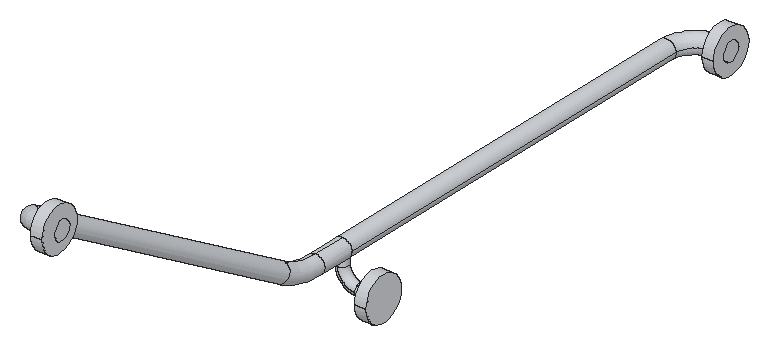
Revit family "DT3+4_Toilet Rail", category Generic Models, Revit 2013
Parameters
  URL = "http://www.surecare.com.au"
  Rail Radius = 16.0 mm
  Model = "DT3 /DT4"
  Manufacturer = "SURE CARE"
  Description = "Toilet Grab Rail Side Only with Angle upturn"
Reference planes
  plane 1 "Center (Front/Back)": y = 0
  plane 2: z = 0
  plane 3 "Center (Left/Right)": x = 0
  plane 4 "Side Rail Center": x = -71
  plane 5 "Rail Center Height": z = 784
  plane 6 "Side Rail Crank Point A": y = -900
  plane 7 "Side Rail End": y = -1500
  plane 8: z = 1145
  plane 9 "Crank Angle": through (0, -900, 784) normal (0, 0.515, 0.8572)
  plane 10 "Side Rail Bracket A": y = -800
  plane 11 "Bracket Height": z = 730
  plane 12: z = 800
  plane 13 "Side Rail Start": y = -50
  plane 14: x = -55
Forms (mm)
  Sweep 1, solid
    path origin (0, 0, 784) x (-1, 0, 0) y (0, -1, 0)
      loop
        line (0, 50) -> (21, 50)
        arc (21, 50) -> (56.355, 64.645) -> (71, 100) r 50
        line (71, 100) -> (71, 800)
    profile origin (-71, -450, 784) x (1, 0, 0) y (0, 0, 1)
      loop
        circle (0, 0) r 16
  Sweep 2, solid
    path in 3D
      loop
        line (-71, -800, 784) -> (-71, -858.401, 784)
        arc (-71, -858.401, 784) -> (-71, -898.487, 789.455) -> (-71, -935.657, 805.425) r 150
        line (-71, -935.657, 805.425) -> (-71, -1451.886, 1115.607) -> (-71, -1459.062, 1119.918)
        arc (-71, -1459.062, 1119.918) -> (-58.991, -1483.912, 1134.85) -> (-30, -1494.205, 1141.035) r 41
        line (-30, -1494.205, 1141.035) -> (0, -1494.205, 1141.035)
    profile origin (-71, -898.487, 789.455) x (0, -0.267238, -0.96363) y (1, 0, 0)
      loop
        circle (0, 0) r 16
  Extrusion 3, solid
    sketch origin (0, 0, 25) x (0, 1, 0) y (0, 0, 1)
      loop
        circle (-800, 705) r 37.5
    from 0 to -20
  Sweep 4, solid
    path origin (0, -800, 0) x (-1, 0, 0) y (0, 0, 1)
      loop
        line (71, 784) -> (71, 760)
        arc (71, 760) -> (62.213, 738.787) -> (41, 730) r 30
        line (41, 730) -> (20, 730)
    profile origin (-71, -800, 772) x (0, 1, 0) y (-1, 0, 0)
      loop
        circle (0, 0) r 10
  Extrusion 5, solid
    sketch origin (0, -789.342, 312.297) x (0, 1, 0) y (0, 0, 1)
      loop
        circle (-710.658, 832.703) r 37.5
    from 0 to -20
  Extrusion 6, solid
    sketch origin (0, 0, 0) x (0, 1, 0) y (0, 0, 1)
      loop
        circle (-50, 784) r 37.5
    from 0 to -20
Cuts and joins
  joined: Sweep 1, Sweep 2
Lines and regions (mm)
  reference lines
    curve 1: line (-71, -858.401, 784) -> (-71, -800, 784)
    curve 2: line (-71, -935.657, 805.425) -> (-71, -1449.957, 1114.448)
    curve 3: arc (-71, -858.401, 784) -> (-71, -898.487, 789.455) -> (-71, -935.657, 805.425) r 150
    curve 4: line (0, -1494.205, 1141.035) -> (-30, -1494.205, 1141.035)
    curve 5: line (-71, -1459.062, 1119.918) -> (-71, -1451.886, 1115.607)
    curve 6: arc (-71, -1459.062, 1119.918) -> (-58.991, -1483.912, 1134.85) -> (-30, -1494.205, 1141.035) r 41
  sketch lines
    curve 7: arc (-71, -858.401, 784) -> (-71, -898.487, 789.455) -> (-71, -935.657, 805.425) r 150
    curve 8: line (-71, -935.657, 805.425) -> (-71, -1451.886, 1115.607)
    curve 9: line (-71, -858.401, 784) -> (-71, -800, 784)
    curve 10: arc (-71, -1459.062, 1119.918) -> (-58.991, -1483.912, 1134.85) -> (-30, -1494.205, 1141.035) r 41
    curve 11: line (-71, -1459.062, 1119.918) -> (-71, -1451.886, 1115.607)
    curve 12: line (0, -1494.205, 1141.035) -> (-30, -1494.205, 1141.035)
Dimensions and locks
  plane 5 "Rail Center Height" to level = 784.0 mm
  plane 7 "Side Rail End" to plane 1 "Center (Front/Back)" = 1500.0 mm
  plane 10 "Side Rail Bracket A" to plane 1 "Center (Front/Back)" = 800.0 mm
  plane 11 "Bracket Height" to level = 730.0 mm
  "Rail Radius": plane 12 to plane 5 "Rail Center Height"
  "Rail Radius": plane 4 "Side Rail Center" to plane 14
  plane 4 "Side Rail Center" to plane 3 "Center (Left/Right)" = 71.0 mm
  "Rail Radius": radius of Sweep 1 sketch curve
  "Rail Radius": radius of Sweep 2 sketch curve
  radius of Sweep 1 sketch curve = 50.0 mm
  angle plane 5 "Rail Center Height" to plane 9 "Crank Angle" = 31.00°
  aligned and locked: level to plane 2
  aligned and locked: Sweep 1 sketch curve to plane 4 "Side Rail Center"
  aligned and locked: Sweep 2 to Sweep 1 sketch curve
  aligned and locked: plane 10 "Side Rail Bracket A" to Extrusion 3 sketch curve
  aligned and locked: plane 11 "Bracket Height" to Extrusion 3 sketch curve
  aligned and locked: Sweep 4 sketch curve to plane 11 "Bracket Height"
  aligned and locked: Sweep 4 sketch curve to plane 4 "Side Rail Center"
  aligned and locked: plane 5 "Rail Center Height" to Sweep 4 sketch curve
  aligned and locked: plane 8 to Extrusion 5 sketch curve
  aligned and locked: plane 7 "Side Rail End" to Extrusion 5 sketch curve
  aligned and locked: plane 5 "Rail Center Height" to curve 1
  aligned and locked: Sweep 1 sketch curve to plane 13 "Side Rail Start"
  aligned and locked: plane 3 "Center (Left/Right)" to Sweep 1 sketch curve
  aligned and locked: plane 13 "Side Rail Start" to Extrusion 6 sketch curve
  aligned and locked: plane 5 "Rail Center Height" to Extrusion 6 sketch curve
Automatic sketch dimensions
  curve 2 to plane 9 "Crank Angle" = 0.0 mm  (x2)
  plane 5 "Rail Center Height" to curve 3 = 21.425 mm
  curve 2 to plane 8 = 30.552 mm
  plane 6 "Side Rail Crank Point A" to curve 3 = 41.599 mm
  curve 4 to plane 3 "Center (Left/Right)" = 0.0 mm
  curve 6 to plane 4 "Side Rail Center" = 0.0 mm
  curve 4 to plane 3 "Center (Left/Right)" = 30.0 mm
  curve 6 to curve 5 = 8.371 mm
  plane 4 "Side Rail Center" to Sweep 4 sketch curve = 30.0 mm
  Sweep 4 sketch curve to plane 3 "Center (Left/Right)" = 20.0 mm
  Sweep 4 sketch curve to plane 10 "Side Rail Bracket A" = 0.0 mm
  Sweep 4 sketch curve to profile plane = 0.0 mm
  curve 1 to curve 1 = 58.401 mm
  Sweep 1 sketch curve to plane 5 "Rail Center Height" = 0.0 mm
  profile plane to Sweep 1 sketch curve = 0.0 mm
  Sweep 2 sketch curve to profile plane = 0.0 mm  (x2)
  radius of Extrusion 3 sketch curve = 37.5 mm
  radius of Sweep 4 sketch curve = 10.0 mm
  radius of Extrusion 5 sketch curve = 37.5 mm
  radius of Extrusion 6 sketch curve = 37.5 mm
